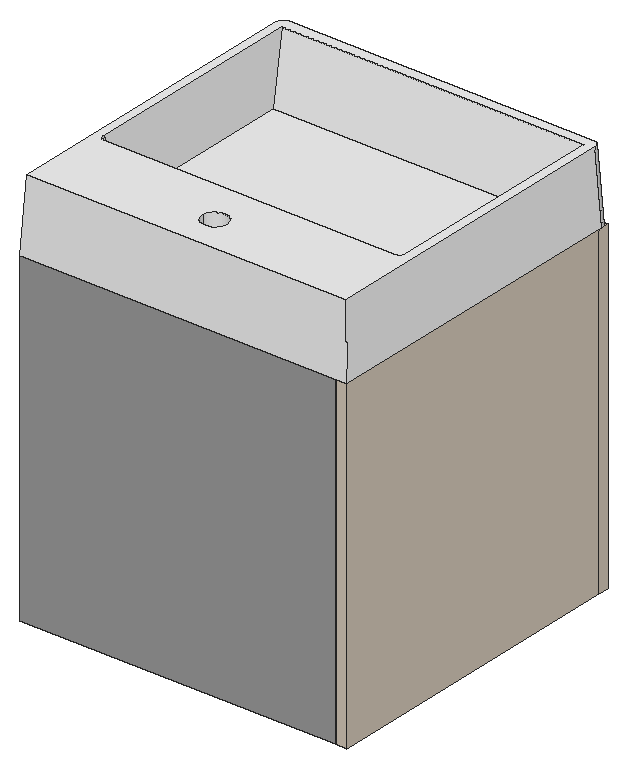
Revit family "LM0056101_Mueble Fussion Vital 45 cm con Lavamanos", category Plumbing Fixtures, host Wall, Revit 2019
Family settings
  Host = Wall
  Round Connector Dimension = Use Diameter
  Part Type = Normal
  OmniClass Number = 23.45.00.00
  OmniClass Title = Sanitary, Laundry, and Cleaning Equipment
  Always vertical = Yes
  Cut with Voids When Loaded = No
  Shared = No
  Room Calculation Point = No
Parameters (values of type "Type 1")
  URL = "https://corona.co/productos/muebles-para-banos/mueble-fussion-vital/p/LM0056101"
  Referencia = "LM0056101"  # constant formula
  Profundidad = 450 mm
  Peso Neto aprox = "22,5 lb (10,2 kg)"  # constant formula
  Peso Bruto aprox = "24 lb (10,9 kg)"  # constant formula
  Material = Corona_Madera_Aglomerada_Duna
  Garantía = "5 años"  # constant formula
  Fecha de creación = "24/07/2020"  # constant formula
  Fabricante = "Corona"  # constant formula
  Dimensiones generales producto (H * W * D) = "17,72” x 17,72” x 17,56” (450,0 x 450 x 446 mm)"  # constant formula
  Densidad = "15mm 670 kg./m^3"  # constant formula
  Creado por = "IDD"  # constant formula
  Capacidad de carga = "88,2 lb (40 kg)"  # constant formula
  Ancho = 450 mm
  Alto = 1064 mm
Reference planes
  plane 1: y = 0
  plane 2 "Center (Left/Right)": x = 125
  plane 3 "Back": y = 75
  plane 4: x = -100
  plane 5: x = 350
  plane 6: y = 525
  plane 7: z = 514
  plane 8: z = 964
  plane 9: z = 1064
  plane 10: y = 510
  plane 11: x = 50
  plane 12: x = 95
  plane 13: z = 450
  plane 14: z = 550
  plane 15: x = 225
  plane 16: x = 25
Forms (mm)
  Extrusion 1, solid, material "Corona_Madera_Aglomerada_Plomo", detail levels medium+fine
    sketch origin (0, 0, 0) x (1, 0, 0) y (0, 1, 0)
      loop
        line (-100, 510) -> (-100, 75) -> (335, 75) -> (335, 90) -> (-85, 90) -> (-85, 510) -> (-100, 510)
    from 514 to 964
  Extrusion 2, solid, material "Corona_Madera_Aglomerada_Duna", detail levels medium+fine
    sketch origin (0, 75, 0) x (1, 0, 0) y (0, 0, 1)
      loop
        line (350, 964) -> (50, 964) -> (125, 514) -> (350, 514) -> (350, 964)
    from -450 to -435
  Extrusion 3, solid, material "Corona_Madera_Aglomerada_Plomo", detail levels medium+fine
    sketch origin (0, 0, 0) x (1, 0, 0) y (0, 1, 0)
      loop
        line (-85, 510) -> (-85, 90) -> (335, 90) -> (335, 510) -> (-85, 510)
    from 514 to 529
  Extrusion 4, solid, material "Corona_Madera_Aglomerada_Plomo", detail levels medium+fine
    sketch origin (0, 0, 200) x (1, 0, 0) y (0, 1, 0)
      loop
        line (-85, 510) -> (-85, 90) -> (335, 90) -> (335, 510) -> (-85, 510)
    from 514 to 529
  Extrusion 5, solid, material "Corona_Madera_Aglomerada_Plomo", detail levels medium+fine
    sketch origin (0, 0, 435) x (1, 0, 0) y (0, 1, 0)
      loop
        line (-85, 510) -> (-85, 90) -> (335, 90) -> (335, 510) -> (-85, 510)
    from 514 to 529
  Blend 6, solid, material "Corona_Cerámica_Sinterizada", detail levels medium+fine
    base sketch origin (0, 0, 0) x (1, 0, 0) y (0, 1, 0)
      loop
        arc (-90, 525) -> (-97.071, 522.071) -> (-100, 515) r 10
        line (-100, 515) -> (-100, 75) -> (350, 75) -> (350, 515)
        arc (350, 515) -> (347.071, 522.071) -> (340, 525) r 10
        line (340, 525) -> (-90, 525)
    top sketch origin (0, 0, 0) x (1, 0, 0) y (0, 1, 0)
      loop
        arc (-85, 520) -> (-92.071, 517.071) -> (-95, 510) r 10
        line (-95, 510) -> (-95, 80) -> (345, 80) -> (345, 510)
        arc (345, 510) -> (342.071, 517.071) -> (335, 520) r 10
        line (335, 520) -> (-85, 520)
    from 964 to 1064
  Blend 7, void, detail levels medium+fine
    base sketch origin (0, 0, 200) x (1, 0, 0) y (0, 1, 0)
      loop
        line (-78.589, 484.646) -> (-78.589, 224.646) -> (321.411, 224.646) -> (321.411, 484.646) -> (-78.589, 484.646)
    top sketch origin (0, 0, 200) x (1, 0, 0) y (0, 1, 0)
      loop
        line (335, 510) -> (-85, 510) -> (-85, 195)
        arc (-85, 195) -> (-82.071, 187.929) -> (-75, 185) r 10
        line (-75, 185) -> (325, 185)
        arc (325, 185) -> (332.071, 187.929) -> (335, 195) r 10
        line (335, 195) -> (335, 510)
    from 774 to 880
  Extrusion 8, void, detail levels medium+fine
    sketch origin (0, 0, 0) x (1, 0, 0) y (0, 1, 0)
      loop
        circle (125, 129.42) r 17
    from 916.726 to 1095.665
  Extrusion 9, solid, material "Corona_Madera_Aglomerada_Duna", detail levels medium+fine
    sketch origin (0, 0, 0) x (1, 0, 0) y (0, 1, 0)
      loop
        line (350, 75) -> (350, 510) -> (335, 510) -> (335, 75) -> (350, 75)
    from 514 to 964
  Extrusion 10, solid, material "Cubo", detail levels coarse
    sketch origin (0, 0, 0) x (1, 0, 0) y (0, 1, 0)
      loop
        line (-100, 525) -> (-100, 75) -> (350, 75) -> (350, 525) -> (-100, 525)
    from 514 to 1064
Cuts and joins
  Blend 7 cuts Extrusion 5
  Blend 7, Extrusion 8 cuts Blend 6
  Extrusion 8 cuts Extrusion 3
Text (mm)
  text "Placement side" at (-1787.139, 592.35, 0), in view "Ref. Level"
  text "Placement side" at (0, 1827.695, 2917.686), in view "Left"
  text "Placement side" at (0, 562.268, 3853.606), in view "Right"
Dimensions and locks
  locked: plane 3 "Back" to host wall at 0
  "Profundidad": plane 3 "Back" to plane 6
  "Ancho": plane 4 to plane 5
  equal spacing: plane 4, plane 2 "Center (Left/Right)", plane 5
  level to plane 7 to plane 8 = 514 mm, 450 mm
  level to plane 8 = 964 mm
  "Alto": level to plane 9
  plane 8 to plane 9 = 100 mm
  plane 11 to plane 4 = 150 mm
  plane 2 "Center (Left/Right)" to plane 4 = 225 mm
  plane 8 to plane 7 = 450 mm
  plane 9 to plane 8 = 100 mm
  aligned and locked: host wall to plane 1
Automatic sketch dimensions
  Extrusion 2 sketch curve to plane 8 = 0 mm
  Extrusion 2 sketch curve to plane 11 = 0 mm
  Extrusion 2 sketch curve to plane 2 "Center (Left/Right)" = 0 mm
  Extrusion 2 sketch curve to plane 5 = 0 mm
  Extrusion 2 sketch curve to plane 7 = 0 mm
  plane 10 to Extrusion 3 sketch curve = 0 mm
  plane 4 to Extrusion 3 sketch curve = 15 mm
  Extrusion 3 sketch curve to plane 5 = 15 mm
  host wall to Extrusion 3 sketch curve = 15 mm
  plane 10 to Extrusion 4 sketch curve = 0 mm
  plane 4 to Extrusion 4 sketch curve = 15 mm
  Extrusion 4 sketch curve to plane 5 = 15 mm
  host wall to Extrusion 4 sketch curve = 15 mm
  plane 10 to Extrusion 5 sketch curve = 0 mm
  plane 4 to Extrusion 5 sketch curve = 15 mm
  Extrusion 5 sketch curve to plane 5 = 15 mm
  host wall to Extrusion 5 sketch curve = 15 mm
  Blend 6 sketch curve to host wall = 0 mm
  Blend 6 sketch curve to plane 4 = 0 mm
  plane 6 to Blend 6 sketch curve = 0 mm
  Blend 6 sketch curve to plane 5 = 0 mm
  Blend 6 sketch curve to plane 10 = 5 mm
  Blend 6 sketch curve to plane 5 = 10 mm
  plane 10 to Blend 6 sketch curve = 0 mm  (x2)
  plane 4 to Blend 6 sketch curve = 5 mm
  Blend 6 sketch curve to Blend 6 sketch curve = 10 mm
  Blend 6 sketch curve to plane 5 = 15 mm
  host wall to Blend 6 sketch curve = 5 mm
  plane 4 to Blend 7 sketch curve = 21.411 mm
  Blend 7 sketch curve to plane 5 = 28.589 mm
  host wall to Blend 7 sketch curve = 149.646 mm
  plane 10 to Blend 7 sketch curve = 25.354 mm
  plane 10 to Blend 7 sketch curve = 0 mm
  plane 4 to Blend 7 sketch curve = 15 mm
  Blend 7 sketch curve to Blend 7 sketch curve = 10 mm  (x2)
  Blend 7 sketch curve to plane 5 = 25 mm
  host wall to Blend 7 sketch curve = 120 mm
  Extrusion 8 sketch curve to plane 2 "Center (Left/Right)" = 0 mm
  host wall to Extrusion 8 sketch curve = 54.42 mm
  Extrusion 1 sketch curve to host wall = 0 mm
  Extrusion 1 sketch curve to plane 4 = 0 mm
  plane 10 to Extrusion 1 sketch curve = 0 mm
  plane 4 to Extrusion 1 sketch curve = 15 mm
  host wall to Extrusion 1 sketch curve = 15 mm
  Extrusion 1 sketch curve to plane 5 = 15 mm
  Extrusion 9 sketch curve to host wall = 0 mm
  plane 10 to Extrusion 9 sketch curve = 0 mm
  Extrusion 9 sketch curve to plane 5 = 0 mm
  Extrusion 9 sketch curve to Extrusion 9 sketch curve = 15 mm
  Extrusion 10 sketch curve to host wall = 0 mm
  Extrusion 10 sketch curve to plane 4 = 0 mm
  Extrusion 10 sketch curve to plane 5 = 0 mm
  plane 6 to Extrusion 10 sketch curve = 0 mm
  radius of Extrusion 8 sketch curve = 17 mm
Nested families
  nested 1: "Family2" at (350, 75, 0), type "Family2", detail levels coarse
  nested 2: "Family3" at (-100, 75, 0) x (-1, 0, 0) z (0, -1, 0), type "Family3", detail levels coarse
  nested 3: "Family4" at (125, 525, 514) x (0, 1, 0) z (1, 0, 0), type "Family4", detail levels coarse
Connectors
  piping at (125, 75, 450), diameter 50
    settings: on host wall, index 2, connector inside diameter 609.6 mm, connector length 0 mm, flow factor 0, pipe flow 0.0 L/s, pressure drop 0.0 Pa, fitting loss kfactor 0, connector angle 0.00°, fixture units 0, engagement length 0 mm, angle of deflection 0.00°, flow configuration 0, flow direction 0, fitting loss method 0, system type 16, joint type 0, gender type 0, connector reference index -1, connector utility 0, adjustable connector no, is connector primary yes, connector description ""
  piping at (225, 75, 550), diameter 15
    settings: on host wall, index 3, connector inside diameter 609.6 mm, connector length 0 mm, flow factor 0, pipe flow 0.0 L/s, pressure drop 0.0 Pa, fitting loss kfactor 0, connector angle 0.00°, fixture units 0, engagement length 0 mm, angle of deflection 0.00°, flow configuration 0, flow direction 0, fitting loss method 0, system type 19, joint type 0, gender type 0, connector reference index -1, connector utility 0, adjustable connector no, is connector primary no, connector description ""
  piping at (25, 75, 550), diameter 15
    settings: on host wall, index 4, connector inside diameter 609.6 mm, connector length 0 mm, flow factor 0, pipe flow 0.0 L/s, pressure drop 0.0 Pa, fitting loss kfactor 0, connector angle 0.00°, fixture units 0, engagement length 0 mm, angle of deflection 0.00°, flow configuration 0, flow direction 0, fitting loss method 0, system type 20, joint type 0, gender type 0, connector reference index -1, connector utility 0, adjustable connector no, is connector primary no, connector description ""
Definition of nested family "Family2"
  Reference planes
    plane 1 "Center (Front/Back)": y = 0
    plane 2: z = 0
    plane 3 "Center (Left/Right)": x = 0
  Lines and regions (mm)
    detail lines, in view "Ref. Level"
      curve 1: line (0, 0, 0) -> (-450, 0, 0)
      curve 2: line (-450, 0, 0) -> (-450, 450, 0)
      curve 3: line (-450, 450, 0) -> (0, 450, 0)
      curve 4: line (0, 450, 0) -> (0, 0, 0)
      curve 5: line (-428.363, 419.065, 0) -> (-28.363, 419.065, 0)
      curve 6: line (-428.363, 157.238, 0) -> (-428.363, 419.065, 0)
      curve 7: line (-28.363, 157.238, 0) -> (-428.363, 157.238, 0)
      curve 8: line (-28.363, 419.065, 0) -> (-28.363, 157.238, 0)
      curve 9: line (-439.705, 439.86, 0) -> (-12.464, 439.86, 0)
      curve 10: line (-439.705, 113.757, 0) -> (-439.705, 439.86, 0)
      curve 11: line (-12.464, 113.757, 0) -> (-439.705, 113.757, 0)
      curve 12: line (-12.464, 439.86, 0) -> (-12.464, 113.757, 0)
      curve 13: circle (-225.986, 60.176, 0) r 20.914 normal (0, 0, 1)
Definition of nested family "Family3"
  Reference planes
    plane 1 "Center (Front/Back)": y = 0
    plane 2: z = 0
    plane 3 "Center (Left/Right)": x = 0
  Lines and regions (mm)
    detail lines, in view "Ref. Level"
      curve 1: line (0, 514, 0) -> (-450, 514, 0)
      curve 2: line (-450, 514, 0) -> (-450, 1064, 0)
      curve 3: line (-450, 1064, 0) -> (0, 1064, 0)
      curve 4: line (0, 1064, 0) -> (0, 514, 0)
      curve 5: line (-225, 514, 0) -> (-115, 964, 0)
      curve 6: line (-15, 529, 0) -> (-221.333, 529, 0)
      curve 7: line (-15, 964, 0) -> (-15, 514, 0)
      curve 8: line (-15, 729, 0) -> (-172.444, 729, 0)
      curve 9: line (-15, 744, 0) -> (-168.778, 744, 0)
      curve 10: line (-450, 964, 0) -> (0, 964, 0)
      curve 11: line (-118.667, 949, 0) -> (-15, 949, 0)
Definition of nested family "Family4"
  Reference planes
    plane 1 "Center (Front/Back)": y = 0
    plane 2: z = 0
    plane 3 "Center (Left/Right)": x = 0
  Lines and regions (mm)
    detail lines, in view "Ref. Level"
      curve 1: line (0, 0, 0) -> (0, 450, 0)
      curve 2: line (0, 450, 0) -> (-450, 450, 0)
      curve 3: line (-450, 450, 0) -> (-450, 0, 0)
      curve 4: line (-450, 0, 0) -> (0, 0, 0)
      curve 5: line (-450, 450, 0) -> (-450, 550, 0)
      curve 6: line (-450, 550, 0) -> (0, 550, 0)
      curve 7: line (0, 550, 0) -> (0, 450, 0)
      curve 8: line (-15, 0, 0) -> (-15, 450, 0)
